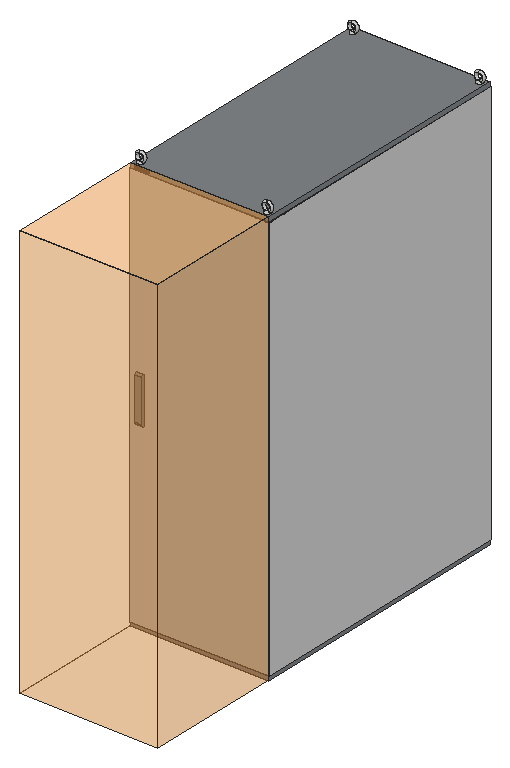
Revit family "НВО_ШкафНапольный_DKC", category Электрооборудование, Revit 2017 (continued)
Definition of nested family "⇾"
  Definition of nested family "DKC_Цоколь угловой элемент"
    Forms (mm)
      Extrusion 1, solid, material <- "Материал", detail levels fine
        sketch origin (1030, -450, 0) x (1, 0, 0) y (0, 1, 0)
          loop
            line (-1230, 450) -> (-1330, 450) -> (-1330, 350) -> (-1230, 350) -> (-1230, 450)
          loop
            line (-730, 450) -> (-830, 450) -> (-830, 350) -> (-730, 350) -> (-730, 450)
          loop
            line (-730, 11.96) -> (-830, 11.96) -> (-830, -88.04) -> (-730, -88.04) -> (-730, 11.96)
          loop
            line (-1330, 11.96) -> (-1330, -88.04) -> (-1230, -88.04) -> (-1230, 11.96) -> (-1330, 11.96)
        from 0 to 100 <- "ADSK_Размер_Высота"
    Dimensions and locks
      equal spacing: plane 4, plane 3 "По центру (Влево/Вправо)", plane 5
      "Ширина": plane 4 to plane 5
      "Глубина": plane 6 to plane 1 "По центру (Вперед/Назад)"
      locked: Extrusion 1 sketch curve to Extrusion 1 sketch curve at 100  (x8)
      aligned and locked: level to plane 2
      aligned and locked: Extrusion 1 sketch curve to plane 1 "По центру (Вперед/Назад)"
      aligned and locked: Extrusion 1 sketch curve to plane 4  (x2)
      aligned and locked: Extrusion 1 sketch curve to plane 5  (x2)
      aligned and locked: Extrusion 1 sketch curve to plane 6  (x2)
    Automatic sketch dimensions
      plane 1 "По центру (Вперед/Назад)" to Extrusion 1 sketch curve = 0 mm
  Definition of nested family "DKC_Цоколь фланцы"
    Parameters (values of type "DKC_Цоколь фланцы")
      Ширина [instance] = 870 mm
      Материал [instance] = none
      Type Comments = "2. Комплектующие"  # constant formula
      Manufacturer = "DKC"  # constant formula
      Глубина [instance] = 500 mm
      Высота [instance] = 200 mm
      URL = "https://www.dkc.ru/ru/"
      IfcExportType = "DISTRIBUTIONBOARD"  # constant formula
      IfcExportAs = "IfcElectricDistributionBoard"  # constant formula
      DKC_Код комплектации [instance] = 0
      BL_Разработано = "support@bimlib.ru"  # constant formula
      BL_Email = ""
      BL_BIM library = "https://bimlib.ru/manufacturer/company/14890"
      ADSK_Обозначение = "ГОСТ Р 32127"  # constant formula
      ADSK_Наименование [instance] = if(Высота = 100 mm, "Цоколь,фланцы высотой 100 мм", "Цоколь, фланцы высотой 200 мм")  # "Цоколь, фланцы высотой 200 мм"
      ADSK_Масса [instance] = if(and(Глубина = 300 mm, Высота = 100 mm), 0.54, if(and(Глубина = 400 mm, Высота = 100 mm), 0.9, if(and(Глубина = 500 mm, Высота = 100 mm), 1.28, if(and(Глубина = 600 mm, Высота = 100 mm), 1.64, if(and(Глубина = 800 mm, Высота = 100 mm), 2.34, if(and(Глубина = 1000 mm, Высота = 100 mm), 3.06, if(and(Глубина = 1200 mm, Высота = 100 mm), 3.88, if(and(Глубина = 300 mm, Высота = 200 mm), 0.92, if(and(Глубина = 400 mm, Высота = 200 mm), 1.46, if(and(Глубина = 500 mm, Высота = 200 mm), 2.19, if(and(Глубина = 600 mm, Высота = 200 mm), 0.54, if(and(Глубина = 800 mm, Высота = 200 mm), 0.9, if(and(Глубина = 1000 mm, Высота = 200 mm), 4, if(and(Глубина = 1200 mm, Высота = 200 mm), 5, 0))))))))))))))  # 2.19
      ADSK_Код изделия [instance] = if(and(Глубина = 300 mm, Высота = 100 mm), "R5FP30", if(and(Глубина = 400 mm, Высота = 100 mm), "R5FP40", if(and(Глубина = 500 mm, Высота = 100 mm), "R5FP50", if(and(Глубина = 600 mm, Высота = 100 mm), "R5FP60", if(and(Глубина = 800 mm, Высота = 100 mm), "R5FP80", if(and(Глубина = 1000 mm, Высота = 100 mm), "R5FP100", if(and(Глубина = 1200 mm, Высота = 100 mm), "R5FP120", if(and(Глубина = 300 mm, Высота = 200 mm), "R5FP32", if(and(Глубина = 400 mm, Высота = 200 mm), "R5FP42", if(and(Глубина = 500 mm, Высота = 200 mm), "R5FP52", if(and(Глубина = 600 mm, Высота = 200 mm), "R5FP62", if(and(Глубина = 800 mm, Высота = 200 mm), "R5FP82", if(and(Глубина = 1000 mm, Высота = 200 mm), "R5FP102", if(and(Глубина = 1200 mm, Высота = 200 mm), "R5FP122", "Такого артикула нет"))))))))))))))  # "R5FP52"
      ADSK_Завод-изготовитель = "DKC"  # constant formula
      ADSK_Единица измерения = "шт."  # constant formula
      ADSK_Группирование [instance] = "Электрические шкафы"
      ADSK_Версия семейства = "1.0"  # constant formula
      ADSK_Версия Revit = "2017"  # constant formula
      ADSK_URL страницы изделия = ""
      ADSK_URL документации изделия = ""
    Reference planes
      plane 1 "По центру (Вперед/Назад)": y = 0
      plane 2: z = 0
      plane 3 "По центру (Влево/Вправо)": x = 0
      plane 4: x = -435
      plane 5: x = 435
      plane 6: y = -250
      plane 7: y = 250
      plane 8: y = 150
      plane 9: y = -150
    Forms (mm)
      Extrusion 1, solid, material <- "Материал", detail levels fine
        sketch origin (0, 0, 0) x (1, 0, 0) y (0, 1, 0)
          loop
            line (430, 150) -> (430, -150) -> (435, -150) -> (435, 150) -> (430, 150)
        from 0 to 200 <- "Высота"
      Extrusion 2, solid, material <- "Материал", detail levels fine
        sketch origin (0, 0, 0) x (1, 0, 0) y (0, 1, 0)
          loop
            line (-435, 150) -> (-435, -150) -> (-430, -150) -> (-430, 150) -> (-435, 150)
        from 0 to 200 <- "Высота"
    Dimensions and locks
      equal spacing: plane 4, plane 3 "По центру (Влево/Вправо)", plane 5
      "Ширина": plane 4 to plane 5
      equal spacing: plane 7, plane 1 "По центру (Вперед/Назад)", plane 6
      "Глубина": plane 7 to plane 6
      locked: plane 7 to plane 8 at 100
      locked: plane 9 to plane 6 at 100
      locked: Extrusion 1 sketch curve to Extrusion 1 sketch curve at 5
      locked: Extrusion 2 sketch curve to Extrusion 2 sketch curve at 5
      aligned and locked: level to plane 2
      aligned and locked: Extrusion 1 sketch curve to plane 8
      aligned and locked: Extrusion 1 sketch curve to plane 9
      aligned and locked: Extrusion 1 sketch curve to plane 5
      aligned and locked: Extrusion 2 sketch curve to plane 4
      aligned and locked: Extrusion 2 sketch curve to plane 8
      aligned and locked: Extrusion 2 sketch curve to plane 9
Types (53, lengths in mm): name | DKC_Код комплектации | DKC_Цоколь | DKC_Глубина сервисной зоны | DKC_Высота цоколя | ADSK_Размер_Ширина | ADSK_Размер_Глубина | ADSK_Размер_Высота | ADSK_Наименование | ADSK_Масса | ADSK_Код изделия | ADSK_Группирование
  1200х1200х2200 (ГхШхВ) мм | 111211111111 | ⇾ : 200 мм | 1200 | 200 | 1200 | 1200 | 2200 | "Сборный шкаф CQE с дверью и задней панелью 1200х1200х2200мм (ГхШхВ)" | 151.07 | "R5CQE221212" | "Сборный шкаф CQE с дверью и задней панелью 1200х1200х2200мм (ГхШхВ)"
  1000х1200х2200 (ГхШхВ) мм | 111211111111 | ⇾ : 200 мм | 1200 | 200 | 1200 | 1000 | 2200 | "Сборный шкаф CQE с дверью и задней панелью 1000х1200х2200мм (ГхШхВ)" | 151.07 | "R5CQE221210" | "Сборный шкаф CQE с дверью и задней панелью 1000х1200х2200мм (ГхШхВ)"
  1200х1000х2200 (ГхШхВ) мм | 111211111111 | ⇾ : 200 мм | 1000 | 200 | 1000 | 1200 | 2200 | "Сборный шкаф CQE с дверью и задней панелью 1200х1000х2200мм (ГхШхВ)" | 122.07 | "R5CQE221012" | "Сборный шкаф CQE с дверью и задней панелью 1200х1000х2200мм (ГхШхВ)"
  1000х1000х2200 (ГхШхВ) мм | 111211111111 | ⇾ : 200 мм | 1000 | 200 | 1000 | 1000 | 2200 | "Сборный шкаф CQE с дверью и задней панелью 1000х1000х2200мм (ГхШхВ)" | 116.07 | "R5CQE221010" | "Сборный шкаф CQE с дверью и задней панелью 1000х1000х2200мм (ГхШхВ)"
  1200х800х2200 (ГхШхВ) мм | 111211111111 | ⇾ : 200 мм | 800 | 200 | 800 | 1200 | 2200 | "Сборный шкаф CQE с дверью и задней панелью 1200х800х2200мм (ГхШхВ)" | 103.571 | "R5CQE22812" | "Сборный шкаф CQE с дверью и задней панелью 1200х800х2200мм (ГхШхВ)"
  1000х800х2200 (ГхШхВ) мм | 111211111111 | ⇾ : 200 мм | 800 | 200 | 800 | 1000 | 2200 | "Сборный шкаф CQE с дверью и задней панелью 1000х800х2200мм (ГхШхВ)" | 98.11 | "R5CQE22810" | "Сборный шкаф CQE с дверью и задней панелью 1000х800х2200мм (ГхШхВ)"
  1200х600х2200 (ГхШхВ) мм | 111211111111 | ⇾ : 200 мм | 600 | 200 | 600 | 1200 | 2200 | "Сборный шкаф CQE с дверью и задней панелью 1200х600х2200мм (ГхШхВ)" | 81.67 | "R5CQE22612" | "Сборный шкаф CQE с дверью и задней панелью 1200х600х2200мм (ГхШхВ)"
  1000х600х2200 (ГхШхВ) мм | 111211111111 | ⇾ : 200 мм | 600 | 200 | 600 | 1000 | 2200 | "Сборный шкаф CQE с дверью и задней панелью 1000х600х2200мм (ГхШхВ)" | 76.87 | "R5CQE22610" | "Сборный шкаф CQE с дверью и задней панелью 1000х600х2200мм (ГхШхВ)"
  1200х400х2200 (ГхШхВ) мм | 111211111111 | ⇾ : 200 мм | 400 | 200 | 400 | 1200 | 2200 | "Сборный шкаф CQE с дверью и задней панелью 1200х400х2200мм (ГхШхВ)" | 73.75 | "R5CQE22412" | "Сборный шкаф CQE с дверью и задней панелью 1200х400х2200мм (ГхШхВ)"
  1000х400х2200 (ГхШхВ) мм | 111211111111 | ⇾ : 200 мм | 400 | 200 | 400 | 1000 | 2200 | "Сборный шкаф CQE с дверью и задней панелью 1000х400х2200мм (ГхШхВ)" | 69.27 | "R5CQE22410" | "Сборный шкаф CQE с дверью и задней панелью 1000х400х2200мм (ГхШхВ)"
  1200х1200х2000 (ГхШхВ) мм | 111211111111 | ⇾ : 200 мм | 1200 | 200 | 1200 | 1200 | 2000 | "Сборный шкаф CQE с дверью и задней панелью 1200х1200х2000мм (ГхШхВ)" | 135.88 | "R5CQE201212" | "Сборный шкаф CQE с дверью и задней панелью 1200х1200х2000мм (ГхШхВ)"
  1000х1200х2000 (ГхШхВ) мм | 111211111111 | ⇾ : 200 мм | 1200 | 200 | 1200 | 1000 | 2000 | "Сборный шкаф CQE с дверью и задней панелью 1000х1200х2000мм (ГхШхВ)" | 135.88 | "R5CQE201210" | "Сборный шкаф CQE с дверью и задней панелью 1000х1200х2000мм (ГхШхВ)"
  600х1200х2000 (ГхШхВ) мм | 111211111111 | ⇾ : 200 мм | 1200 | 200 | 1200 | 600 | 2000 | "Сборный шкаф CQE с дверью и задней панелью 600х1200х2000мм (ГхШхВ)" | 122.58 | "R5CQE20126" | "Сборный шкаф CQE с дверью и задней панелью 600х1200х2000мм (ГхШхВ)"
  1200х1000х2000 (ГхШхВ) мм | 111211111111 | ⇾ : 200 мм | 1000 | 200 | 1000 | 1200 | 2000 | "Сборный шкаф CQE с дверью и задней панелью 1200х1000х2000мм (ГхШхВ)" | 118.88 | "R5CQE201012" | "Сборный шкаф CQE с дверью и задней панелью 1200х1000х2000мм (ГхШхВ)"
  1000х1000х2000 (ГхШхВ) мм | 111211111111 | ⇾ : 200 мм | 1000 | 200 | 1000 | 1000 | 2000 | "Сборный шкаф CQE с дверью и задней панелью 1000х1000х2000мм (ГхШхВ)" | 112.88 | "R5CQE201010" | "Сборный шкаф CQE с дверью и задней панелью 1000х1000х2000мм (ГхШхВ)"
  600х1000х2000 (ГхШхВ) мм | 111211111111 | ⇾ : 200 мм | 1000 | 200 | 1000 | 600 | 2000 | "Сборный шкаф CQE с дверью и задней панелью 600х1000х2000мм (ГхШхВ)" | 103.38 | "R5CQE20106" | "Сборный шкаф CQE с дверью и задней панелью 600х1000х2000мм (ГхШхВ)"
  1200х800х2000 (ГхШхВ) мм | 111211111111 | ⇾ : 200 мм | 800 | 200 | 800 | 1200 | 2000 | "Сборный шкаф CQE с дверью и задней панелью 1200х800х2000мм (ГхШхВ)" | 104.381 | "R5CQE20812" | "Сборный шкаф CQE с дверью и задней панелью 1200х800х2000мм (ГхШхВ)"
  1000х800х2000 (ГхШхВ) мм | 111211111111 | ⇾ : 200 мм | 800 | 200 | 800 | 1000 | 2000 | "Сборный шкаф CQE с дверью и задней панелью 1000х800х2000мм (ГхШхВ)" | 98.92 | "R5CQE20810" | "Сборный шкаф CQE с дверью и задней панелью 1000х800х2000мм (ГхШхВ)"
  800х800х2000 (ГхШхВ) мм | 111211111111 | ⇾ : 200 мм | 800 | 200 | 800 | 800 | 2000 | "Сборный шкаф CQE с дверью и задней панелью 800х800х2000мм (ГхШхВ)" | 97.14 | "R5CQE2088" | "Сборный шкаф CQE с дверью и задней панелью 800х800х2000мм (ГхШхВ)"
  600х800х2000 (ГхШхВ) мм | 111211111111 | ⇾ : 200 мм | 800 | 200 | 800 | 600 | 2000 | "Сборный шкаф CQE с дверью и задней панелью 600х800х2000мм (ГхШхВ)" | 84.88 | "R5CQE2086" | "Сборный шкаф CQE с дверью и задней панелью 600х800х2000мм (ГхШхВ)"
  500х800х2000 (ГхШхВ) мм | 111211111111 | ⇾ : 200 мм | 800 | 200 | 800 | 500 | 2000 | "Сборный шкаф CQE с дверью и задней панелью 500х800х2000мм (ГхШхВ)" | 82.88 | "R5CQE2085" | "Сборный шкаф CQE с дверью и задней панелью 500х800х2000мм (ГхШхВ)"
  400х800х2000 (ГхШхВ) мм | 111211111111 | ⇾ : 200 мм | 800 | 200 | 800 | 400 | 2000 | "Сборный шкаф CQE с дверью и задней панелью 400х800х2000мм (ГхШхВ)" | 79.38 | "R5CQE2084" | "Сборный шкаф CQE с дверью и задней панелью 400х800х2000мм (ГхШхВ)"
  1200х600х2000 (ГхШхВ) мм | 111211111111 | ⇾ : 200 мм | 600 | 200 | 600 | 1200 | 2000 | "Сборный шкаф CQE с дверью и задней панелью 1200х600х2000мм (ГхШхВ)" | 85.98 | "R5CQE20612" | "Сборный шкаф CQE с дверью и задней панелью 1200х600х2000мм (ГхШхВ)"
  1000х600х2000 (ГхШхВ) мм | 111211111111 | ⇾ : 200 мм | 600 | 200 | 600 | 1000 | 2000 | "Сборный шкаф CQE с дверью и задней панелью 1000х600х2000мм (ГхШхВ)" | 81.18 | "R5CQE20610" | "Сборный шкаф CQE с дверью и задней панелью 1000х600х2000мм (ГхШхВ)"
  800х600х2000 (ГхШхВ) мм | 111211111111 | ⇾ : 200 мм | 600 | 200 | 600 | 800 | 2000 | "Сборный шкаф CQE с дверью и задней панелью 800х600х2000мм (ГхШхВ)" | 74.88 | "R5CQE2068" | "Сборный шкаф CQE с дверью и задней панелью 800х600х2000мм (ГхШхВ)"
  600х600х2000 (ГхШхВ) мм | 111211111111 | ⇾ : 200 мм | 600 | 200 | 600 | 600 | 2000 | "Сборный шкаф CQE с дверью и задней панелью 600х600х2000мм (ГхШхВ)" | 70.081 | "R5CQE2066" | "Сборный шкаф CQE с дверью и задней панелью 600х600х2000мм (ГхШхВ)"
  500х600х2000 (ГхШхВ) мм | 111211111111 | ⇾ : 200 мм | 600 | 200 | 600 | 500 | 2000 | "Сборный шкаф CQE с дверью и задней панелью 500х600х2000мм (ГхШхВ)" | 68.88 | "R5CQE2065" | "Сборный шкаф CQE с дверью и задней панелью 500х600х2000мм (ГхШхВ)"
  400х600х2000 (ГхШхВ) мм | 111211111111 | ⇾ : 200 мм | 600 | 200 | 600 | 400 | 2000 | "Сборный шкаф CQE с дверью и задней панелью 400х600х2000мм (ГхШхВ)" | 64.88 | "R5CQE2064" | "Сборный шкаф CQE с дверью и задней панелью 400х600х2000мм (ГхШхВ)"
  1200х400х2000 (ГхШхВ) мм | 111211111111 | ⇾ : 200 мм | 400 | 200 | 400 | 1200 | 2000 | "Сборный шкаф CQE с дверью и задней панелью 1200х400х2000мм (ГхШхВ)" | 69.56 | "R5CQE20412" | "Сборный шкаф CQE с дверью и задней панелью 1200х400х2000мм (ГхШхВ)"
  1000х400х2000 (ГхШхВ) мм | 111211111111 | ⇾ : 200 мм | 400 | 200 | 400 | 1000 | 2000 | "Сборный шкаф CQE с дверью и задней панелью 1000х400х2000мм (ГхШхВ)" | 65.08 | "R5CQE20410" | "Сборный шкаф CQE с дверью и задней панелью 1000х400х2000мм (ГхШхВ)"
  1200х1200х1800 (ГхШхВ) мм | 111211111111 | ⇾ : 200 мм | 1200 | 200 | 1200 | 1200 | 1800 | "Сборный шкаф CQE с дверью и задней панелью 1200х1200х1800мм (ГхШхВ)" | 130.1 | "R5CQE181212" | "Сборный шкаф CQE с дверью и задней панелью 1200х1200х1800мм (ГхШхВ)"
  1000х1200х1800 (ГхШхВ) мм | 111211111111 | ⇾ : 200 мм | 1200 | 200 | 1200 | 1000 | 1800 | "Сборный шкаф CQE с дверью и задней панелью 1000х1200х1800мм (ГхШхВ)" | 130.1 | "R5CQE181210" | "Сборный шкаф CQE с дверью и задней панелью 1000х1200х1800мм (ГхШхВ)"
  1200х1000х1800 (ГхШхВ) мм | 111211111111 | ⇾ : 200 мм | 1000 | 200 | 1000 | 1200 | 1800 | "Сборный шкаф CQE с дверью и задней панелью 1200х1000х1800мм (ГхШхВ)" | 124.1 | "R5CQE181012" | "Сборный шкаф CQE с дверью и задней панелью 1200х1000х1800мм (ГхШхВ)"
  1000х1000х1800 (ГхШхВ) мм | 111211111111 | ⇾ : 200 мм | 1000 | 200 | 1000 | 1000 | 1800 | "Сборный шкаф CQE с дверью и задней панелью 1000х1000х1800мм (ГхШхВ)" | 118.1 | "R5CQE181010" | "Сборный шкаф CQE с дверью и задней панелью 1000х1000х1800мм (ГхШхВ)"
  600х1000х1800 (ГхШхВ) мм | 111211111111 | ⇾ : 200 мм | 1000 | 200 | 1000 | 600 | 1800 | "Сборный шкаф CQE с дверью и задней панелью 600х1000х1800мм (ГхШхВ)" | 108.6 | "R5CQE18106" | "Сборный шкаф CQE с дверью и задней панелью 600х1000х1800мм (ГхШхВ)"
  400х1000х1800 (ГхШхВ) мм | 111211111111 | ⇾ : 200 мм | 1000 | 200 | 1000 | 400 | 1800 | "Сборный шкаф CQE с дверью и задней панелью 400х1000х1800мм (ГхШхВ)" | 98 | "R5CQE18104" | "Сборный шкаф CQE с дверью и задней панелью 400х1000х1800мм (ГхШхВ)"
  1200х800х1800 (ГхШхВ) мм | 111211111111 | ⇾ : 200 мм | 800 | 200 | 800 | 1200 | 1800 | "Сборный шкаф CQE с дверью и задней панелью 1200х800х1800мм (ГхШхВ)" | 98.101 | "R5CQE18812" | "Сборный шкаф CQE с дверью и задней панелью 1200х800х1800мм (ГхШхВ)"
  1000х800х1800 (ГхШхВ) мм | 111211111111 | ⇾ : 200 мм | 800 | 200 | 800 | 1000 | 1800 | "Сборный шкаф CQE с дверью и задней панелью 1000х800х1800мм (ГхШхВ)" | 92.64 | "R5CQE18810" | "Сборный шкаф CQE с дверью и задней панелью 1000х800х1800мм (ГхШхВ)"
  600х800х1800 (ГхШхВ) мм | 111211111111 | ⇾ : 200 мм | 800 | 200 | 800 | 600 | 1800 | "Сборный шкаф CQE с дверью и задней панелью 600х800х1800мм (ГхШхВ)" | 78.6 | "R5CQE1886" | "Сборный шкаф CQE с дверью и задней панелью 600х800х1800мм (ГхШхВ)"
  500х800х1800 (ГхШхВ) мм | 111211111111 | ⇾ : 200 мм | 800 | 200 | 800 | 500 | 1800 | "Сборный шкаф CQE с дверью и задней панелью 500х800х1800мм (ГхШхВ)" | 76.6 | "R5CQE1885" | "Сборный шкаф CQE с дверью и задней панелью 500х800х1800мм (ГхШхВ)"
  400х800х1800 (ГхШхВ) мм | 111211111111 | ⇾ : 200 мм | 800 | 200 | 800 | 400 | 1800 | "Сборный шкаф CQE с дверью и задней панелью 400х800х1800мм (ГхШхВ)" | 73.1 | "R5CQE1884" | "Сборный шкаф CQE с дверью и задней панелью 400х800х1800мм (ГхШхВ)"
  1200х600х1800 (ГхШхВ) мм | 111011111111 | ⇾ : Нет цоколя | 600 | 0 | 600 | 1200 | 1800 | "Сборный шкаф CQE с дверью и задней панелью 1200х600х1800мм (ГхШхВ)" | 76.5 | "R5CQE18612" | "Сборный шкаф CQE с дверью и задней панелью 1200х600х1800мм (ГхШхВ)"
  1000х600х1800 (ГхШхВ) мм | 111211111111 | ⇾ : 200 мм | 600 | 200 | 600 | 1000 | 1800 | "Сборный шкаф CQE с дверью и задней панелью 1000х600х1800мм (ГхШхВ)" | 71.7 | "R5CQE18610" | "Сборный шкаф CQE с дверью и задней панелью 1000х600х1800мм (ГхШхВ)"
  400х600х1800 (ГхШхВ) мм | 111211111111 | ⇾ : 200 мм | 600 | 200 | 600 | 400 | 1800 | "Сборный шкаф CQE с дверью и задней панелью 400х600х1800мм (ГхШхВ)" | 55.4 | "R5CQE1864" | "Сборный шкаф CQE с дверью и задней панелью 400х600х1800мм (ГхШхВ)"
  1200х400х1800 (ГхШхВ) мм | 111211111111 | ⇾ : 200 мм | 400 | 200 | 400 | 1200 | 1800 | "Сборный шкаф CQE с дверью и задней панелью 1200х400х1800мм (ГхШхВ)" | 64.78 | "R5CQE18412" | "Сборный шкаф CQE с дверью и задней панелью 1200х400х1800мм (ГхШхВ)"
  1000х400х1800 (ГхШхВ) мм | 111211111111 | ⇾ : 200 мм | 400 | 200 | 400 | 1000 | 1800 | "Сборный шкаф CQE с дверью и задней панелью 1000х400х1800мм (ГхШхВ)" | 60.3 | "R5CQE18410" | "Сборный шкаф CQE с дверью и задней панелью 1000х400х1800мм (ГхШхВ)"
  800х400х1800 (ГхШхВ) мм | 111211111111 | ⇾ : 200 мм | 400 | 200 | 400 | 800 | 1800 | "Сборный шкаф CQE с дверью и задней панелью 800х400х1800мм (ГхШхВ)" | 57.001 | "R5CQE1848" | "Сборный шкаф CQE с дверью и задней панелью 800х400х1800мм (ГхШхВ)"
  400х800х1600 (ГхШхВ) мм | 111211111111 | ⇾ : 200 мм | 800 | 200 | 800 | 400 | 1600 | "Сборный шкаф CQE с дверью и задней панелью 400х800х1600мм (ГхШхВ)" | 68.46 | "R5CQE1684" | "Сборный шкаф CQE с дверью и задней панелью 400х800х1600мм (ГхШхВ)"
  600х600х1600 (ГхШхВ) мм | 111211111111 | ⇾ : 200 мм | 600 | 200 | 600 | 600 | 1600 | "Сборный шкаф CQE с дверью и задней панелью 600х600х1600мм (ГхШхВ)" | 59.861 | "R5CQE1666" | "Сборный шкаф CQE с дверью и задней панелью 600х600х1600мм (ГхШхВ)"
  500х600х1600 (ГхШхВ) мм | 111211111111 | ⇾ : 200 мм | 600 | 200 | 600 | 500 | 1600 | "Сборный шкаф CQE с дверью и задней панелью 500х600х1600мм (ГхШхВ)" | 58.66 | "R5CQE1665" | "Сборный шкаф CQE с дверью и задней панелью 500х600х1600мм (ГхШхВ)"
  400х600х1600 (ГхШхВ) мм | 111211111111 | ⇾ : 200 мм | 600 | 200 | 600 | 400 | 1600 | "Сборный шкаф CQE с дверью и задней панелью 400х600х1600мм (ГхШхВ)" | 54.66 | "R5CQE1664" | "Сборный шкаф CQE с дверью и задней панелью 400х600х1600мм (ГхШхВ)"
  400х800х1400 (ГхШхВ) мм | 111211111111 | ⇾ : 200 мм | 800 | 200 | 800 | 400 | 1400 | "Сборный шкаф CQE с дверью и задней панелью 400х800х1400мм (ГхШхВ)" | 51.426 | "R5CQE1484" | "Сборный шкаф CQE с дверью и задней панелью 400х800х1400мм (ГхШхВ)"
  400х600х1400 (ГхШхВ) мм | 111211111111 | ⇾ : 200 мм | 600 | 200 | 600 | 400 | 1400 | "Сборный шкаф CQE с дверью и задней панелью 400х600х1400мм (ГхШхВ)" | 43.765 | "R5CQE1464" | "Сборный шкаф CQE с дверью и задней панелью 400х600х1400мм (ГхШхВ)"
